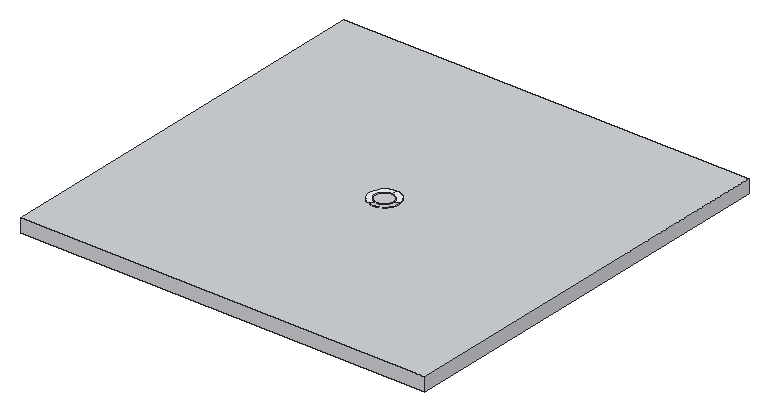
Revit family
Parameters (values of type "7" Strainer - 3" Drain")
  WFU = 0
  URL = "WWW.MIFAB.COM"
  Strainer Diameter = 7.000"
  Strainer Adjustment [instance] = 1.125"
  Pipe Radius = Pipe Diameter / 2  # 1.500"
  Pipe Diameter = 3.000"
  Model = "F1100-C-FC"
  Manufacturer = "MIFAB"
  Floor Drain Material = Paint - Sherwin Williams Paint - #952C2A - Bellwood Red
  Domestic Cold Water Radius = 0.250"
  Domestic Cold Water Diameter = Domestic Cold Water Radius * 2  # 0.500"
  Description = "FLOOR DRAIN WITH SURFACE MEMBRANE CLAMP"
  Default Elevation = 0.000"
  CWFU = 0
  Body Height = 3.375"
  Assembly Code = ""
Types (11): name | Strainer Diameter | Pipe Radius | Pipe Diameter
  (no name) | 7.000" | 1.500" | 3.000"
  9" Strainer - 2" Drain | 9.000" | 1.000" | 2.000"
  9" Strainer - 3" Drain | 9.000" | 1.500" | 3.000"
  9" Strainer - 4" Drain | 9.000" | 2.000" | 4.000"
  9" Strainer - 5" Drain | 9.000" | 2.500" | 5.000"
  9" Strainer - 6" Drain | 9.000" | 3.000" | 6.000"
  7" Strainer - 2" Drain | 7.000" | 1.000" | 2.000"
  7" Strainer - 3" Drain | 7.000" | 1.500" | 3.000"
  7" Strainer - 4" Drain | 7.000" | 2.000" | 4.000"
  7" Strainer - 5" Drain | 7.000" | 2.500" | 5.000"
  7" Strainer - 6" Drain | 7.000" | 3.000" | 6.000"
Reference planes (in)
  plane 1 "Center (Front/Back)": y = 0
  plane 2: z = 0
  plane 3 "Center (Left/Right)": x = 0
  plane 4: z = -4.5
  plane 5: z = -1.125
  plane 6: z = 0
  plane 7: y = -3.5
  plane 8: y = 3.5
  plane 9: y = 4
  plane 10: y = -4
  plane 11: y = -1.5
  plane 12: y = 1.5
  plane 13: z = -1.125
  plane 14: z = -1.125
  plane 15: z = -4.5
  plane 16: y = 3.22265
  plane 17: y = -3.22265
Forms (in)
  Extrusion 1, solid
    sketch origin (0, 0, 0) x (1, 0, 0) y (0, 1, 0)
      loop
        line (-48, 48) -> (-48, -48) -> (48, -48) -> (48, 48) -> (-48, 48)
    from 0 to -3.23031
  Revolve 2, solid, material "Paint - Sherwin Williams Paint - #952C2A - Bellwood Red" <- "Floor Drain Material"
    sketch origin (0, 0.04396, 0) x (0, 1, 0) y (0, 0, 1)
      loop
        line (-3.69397, -1.125) -> (-4.04396, -1.125) -> (-4.04396, -1.38552) -> (-3.8814, -1.38552) -> (-3.8814, -2.38764) -> (-3.81311, -2.39482) -> (-3.81311, -3.23031) -> (-1.79396, -3.28487) -> (-1.79396, -4.5) -> (-1.54396, -4.5) -> (-1.54396, -3.04309) -> (-3.69397, -2.97477) -> (-3.69397, -1.125)
      axis (-0.04396, -1.125) -> (-0.04396, -4.5)
    angle from 0 to 360
  Revolve 3, solid, material "Paint - Sherwin Williams Paint - #952C2A - Bellwood Red" <- "Floor Drain Material"
    sketch origin (0, 0, 0) x (0, 1, 0) y (0, 0, 1)
      loop
        line (-4, -1.125) -> (-1.67549, -1.125) -> (-1.67549, -0.35242) -> (-1.7641, -0.35242) -> (-1.7641, -0.875) -> (-4, -0.875) -> (-4, -1.125)
      axis (0, -0.35242) -> (0, -1.125)
    angle from 0 to 360
  Revolve 4, solid, material "Paint - Sherwin Williams Paint - #952C2A - Bellwood Red" <- "Floor Drain Material"
    sketch origin (0, 0.15, 0) x (0, 1, 0) y (0, 0, 1)
      loop
        line (-1.82549, -0.875) -> (-1.65, -0.875) -> (-1.65, -0.34322) -> (-2.11493, -0.34322) -> (-2.37265, -0.16277) -> (-2.37265, 0) -> (-3.65, 0) -> (-3.65, -0.10623) -> (-2.06674, -0.75712) -> (-1.91406, -0.75712) -> (-1.82549, -0.75712) -> (-1.82549, -0.875)
      axis (-0.15, 0) -> (-0.15, -0.875)
    angle from 0 to 360
  Revolve 5, solid, material "Paint - Sherwin Williams Paint - #952C2A - Bellwood Red" <- "Floor Drain Material"
    sketch origin (3.23224, 3.35604, 1.68359) x (0, 1, 0) y (0, 0, 1)
      loop
        line (-3.29765, -2.32681) -> (-3.62527, -2.32681) -> (-3.62527, -2.50802) -> (-3.72878, -2.50802) -> (-3.72878, -2.55859) -> (-3.52524, -2.55859) -> (-3.52524, -3.64951) -> (-3.29765, -3.64951) -> (-3.29765, -2.32681)
      axis (-3.29765, -2.32681) -> (-3.29765, -3.64951)
    angle from 0 to 360
  Revolve 6, solid, material "Paint - Sherwin Williams Paint - #952C2A - Bellwood Red" <- "Floor Drain Material"
    sketch origin (0, 0, 0) x (1, 0, 0) y (0, 0, 1)
      loop
        line (-4.4739, -1.88658) -> (-2.8927, -1.88658) -> (-2.8927, -1.54278) -> (-3.81457, -1.54278) -> (-3.90837, -1.63658) -> (-4.4739, -1.63658) -> (-4.4739, -1.88658)
      axis (-2.8927, -1.88658) -> (-4.4739, -1.88658)
    angle from 0 to 360
  Revolve 7, solid, material "Paint - Sherwin Williams Paint - #952C2A - Bellwood Red" <- "Floor Drain Material"
    sketch origin (1.2903, -4.47722, 1.68359) x (0.866025, -0.5, 0) y (0, 0, 1)
      loop
        line (-3.29765, -2.32681) -> (-3.62527, -2.32681) -> (-3.62527, -2.50802) -> (-3.72878, -2.50802) -> (-3.72878, -2.55859) -> (-3.52524, -2.55859) -> (-3.52524, -3.64951) -> (-3.29765, -3.64951) -> (-3.29765, -2.32681)
      axis (-3.29765, -2.32681) -> (-3.29765, -3.64951)
    angle from 0 to 360
  Revolve 8, solid, material "Paint - Sherwin Williams Paint - #952C2A - Bellwood Red" <- "Floor Drain Material"
    sketch origin (-4.52254, 1.12118, 1.68359) x (-0.866025, -0.5, 0) y (0, 0, 1)
      loop
        line (-3.29765, -2.32681) -> (-3.62527, -2.32681) -> (-3.62527, -2.50802) -> (-3.72878, -2.50802) -> (-3.72878, -2.55859) -> (-3.52524, -2.55859) -> (-3.52524, -3.64951) -> (-3.29765, -3.64951) -> (-3.29765, -2.32681)
      axis (-3.29765, -2.32681) -> (-3.29765, -3.64951)
    angle from 0 to 360
  Extrusion 9, solid, material "Paint - Sherwin Williams Paint - #952C2A - Bellwood Red" <- "Floor Drain Material"
    sketch origin (0, 0, 0) x (1, 0, 0) y (0, 1, 0)
      loop
        circle (0, 0) r 2.22265
    from -0.10623 to 0
Lines and regions (in)
  symbolic lines
    curve 1: circle (0, 0, 0) r 4 normal (0, 0, 1)
Dimensions and locks (in)
  "Body Height": plane 5 to plane 4
  "Strainer Adjustment": plane 6 to plane 5
  equal spacing: plane 8, plane 1 "Center (Front/Back)", plane 7
  "Strainer Diameter": plane 8 to plane 7
  equal spacing: plane 9, plane 1 "Center (Front/Back)", plane 10
  plane 9 to plane 10 = 8.000"
  equal spacing: Revolve 2, Revolve 6 sketch curve, Revolve 2
  equal spacing: plane 12, plane 1 "Center (Front/Back)", plane 11
  "Pipe Diameter": plane 12 to plane 11
  "Pipe Radius": plane 1 "Center (Front/Back)" to plane 11
  Extrusion 1 to plane 13 = 1.125"
  "Strainer Adjustment": level to plane 14
  "Body Height": plane 14 to plane 15
  locked: plane 11 to Revolve 2 sketch curve at 0.25
  Revolve 4 sketch curve to Revolve 4 sketch curve to Revolve 4 sketch curve to Revolve 4 sketch curve to Revolve 4 sketch curve to plane 7 = 0.17549", 0.24125", 0.04819", 0.25771", 1.27735"
  aligned and locked: plane 2 to Extrusion 1
  aligned and locked: level to Extrusion 1
  aligned and locked: plane 5 to Revolve 2 sketch curve
  aligned and locked: Revolve 2 to Revolve 3 sketch curve
  aligned and locked: Revolve 4 sketch curve to plane 1 "Center (Front/Back)"
  aligned and locked: Revolve 3 sketch curve to Revolve 4
  aligned and locked: Revolve 3 sketch curve to Revolve 2
  aligned and locked: Extrusion 1 to plane 6
  aligned and locked: Revolve 3 to Revolve 4
  aligned and locked: Revolve 3 to Revolve 7
  aligned and locked: Revolve 3 to Revolve 5
  aligned and locked: Revolve 7 to Revolve 3
  aligned and locked: Revolve 3 to Revolve 8
  aligned and locked: Revolve 2 sketch curve to plane 11
  aligned and locked: Revolve 4 sketch curve to plane 7
  aligned and locked: Extrusion 9 sketch curve to Revolve 4
  aligned and locked: Revolve 4 to Extrusion 9
  aligned and locked: level to Extrusion 9
Automatic sketch dimensions
  Extrusion 1 sketch curve to Extrusion 1 sketch curve = 96.000"  (x2)
  Revolve 3 sketch curve to plane 1 "Center (Front/Back)" = 0.000"
  Revolve 3 sketch curve to level = 0.000"
  Revolve 3 sketch curve to Revolve 3 sketch curve = 2.08323"
  Revolve 3 sketch curve to Revolve 3 sketch curve = 0.250"
  Revolve 3 sketch curve to Revolve 3 sketch curve = 0.52258"
  Revolve 3 sketch curve to Revolve 3 sketch curve = 0.08861"
  Revolve 5 sketch curve to Revolve 5 sketch curve = 0.20354"
  Revolve 5 sketch curve to Revolve 5 sketch curve = 0.10003"
  Revolve 5 sketch curve to Revolve 5 sketch curve = 0.32762"
  Revolve 5 sketch curve to Revolve 5 sketch curve = 0.000"  (x3)
  Revolve 5 sketch curve to Revolve 5 sketch curve = 1.09092"
  Revolve 5 sketch curve to Revolve 5 sketch curve = 0.05057"
  Revolve 5 sketch curve to Revolve 5 sketch curve = 0.18121"
  Revolve 6 sketch curve to plane 3 "Center (Left/Right)" = 4.4739"
  Revolve 6 sketch curve to Revolve 6 sketch curve = 0.56553"
  Revolve 6 sketch curve to Revolve 6 sketch curve = 0.09379"
  Revolve 6 sketch curve to Revolve 6 sketch curve = 0.22507"
  Revolve 6 sketch curve to Revolve 6 sketch curve = 0.7906"
  Revolve 6 sketch curve to Revolve 6 sketch curve = 0.000"  (x2)
  Revolve 6 sketch curve to Revolve 6 sketch curve = 0.250"
  Revolve 6 sketch curve to Revolve 6 sketch curve = 0.34379"
  Revolve 7 sketch curve to Revolve 7 sketch curve = 0.20354"
  Revolve 7 sketch curve to Revolve 7 sketch curve = 0.10003"
  Revolve 7 sketch curve to Revolve 7 sketch curve = 0.32762"
  Revolve 7 sketch curve to Revolve 7 sketch curve = 0.000"  (x3)
  Revolve 7 sketch curve to Revolve 7 sketch curve = 1.09092"
  Revolve 7 sketch curve to Revolve 7 sketch curve = 0.05057"
  Revolve 7 sketch curve to Revolve 7 sketch curve = 0.18121"
  Revolve 8 sketch curve to Revolve 8 sketch curve = 0.20354"
  Revolve 8 sketch curve to Revolve 8 sketch curve = 0.10003"
  Revolve 8 sketch curve to Revolve 8 sketch curve = 0.32762"
  Revolve 8 sketch curve to Revolve 8 sketch curve = 0.000"  (x3)
  Revolve 8 sketch curve to Revolve 8 sketch curve = 1.09092"
  Revolve 8 sketch curve to Revolve 8 sketch curve = 0.05057"
  Revolve 8 sketch curve to Revolve 8 sketch curve = 0.18121"
  Revolve 4 sketch curve to level = 0.000"
  Revolve 4 sketch curve to Revolve 4 sketch curve = 0.08857"
  Revolve 4 sketch curve to level = 0.10623"
  Revolve 4 sketch curve to level = 0.16277"
  Revolve 4 sketch curve to Revolve 4 sketch curve = 0.18045"
  Revolve 4 sketch curve to level = 0.7554"
  Revolve 4 sketch curve to Revolve 4 sketch curve = 0.4139"
  Revolve 4 sketch curve to Revolve 4 sketch curve = 0.11788"
  level to Revolve 4 sketch curve = 1.19115"
  Revolve 2 sketch curve to plane 10 = 0.000"
  Revolve 2 sketch curve to plane 4 = 0.000"  (x2)
  Revolve 2 sketch curve to plane 1 "Center (Front/Back)" = 0.000"
  plane 10 to Revolve 2 sketch curve = 0.16256"
  plane 10 to Revolve 2 sketch curve = 0.23085"
  Revolve 2 sketch curve to Revolve 2 sketch curve = 0.18743"
  Revolve 2 sketch curve to Revolve 2 sketch curve = 1.21513"
  Revolve 2 sketch curve to Revolve 2 sketch curve = 0.05457"
  Revolve 2 sketch curve to Revolve 2 sketch curve = 0.24178"
  Revolve 2 sketch curve to Revolve 2 sketch curve = 0.25554"
  Revolve 2 sketch curve to Revolve 2 sketch curve = 0.57995"
  Revolve 2 sketch curve to Revolve 2 sketch curve = 0.00718"
  Revolve 2 sketch curve to plane 5 = 0.26052"
  Revolve 2 sketch curve to plane 5 = 0.250"
  plane 1 "Center (Front/Back)" to Revolve 5 sketch curve = 0.37274"
  Revolve 5 sketch curve to plane 14 = 0.84092"
  plane 14 to Revolve 7 sketch curve = 0.30057"
  plane 14 to Revolve 8 sketch curve = 0.30057"
  plane 1 "Center (Front/Back)" to curve 1 = 0.000"
  curve 1 to plane 3 "Center (Left/Right)" = 0.000"
  radius of curve 1 = 4.000"
Connectors (in)
  piping at (-4.4739, 0, -1.88658), driven by "CWFU", driven by "Domestic Cold Water Radius"
    settings: on Revolve 6, index 1, connector radius 1/4", flow factor 0, pipe flow 0 GPM, pressure drop 0.00 psi, fitting loss kfactor 0, connector angle 0.00°, fixture units 0, flow configuration 3, flow direction 1, fitting loss method 0, system type 20, connector reference index -1, connector utility 0, adjustable connector no, is connector primary yes, fitting loss table "", connector description "Domestic Cold Water In"
  piping at (0, 0, -4.5), driven by "Pipe Radius", driven by "WFU"
    settings: on Revolve 2, index 2, connector radius 1 1/2", flow factor 0, pipe flow 0 GPM, pressure drop 0.00 psi, fitting loss kfactor 0, connector angle 0.00°, fixture units 0, flow configuration 3, flow direction 2, fitting loss method 0, system type 16, connector reference index -1, connector utility 0, adjustable connector no, is connector primary no, fitting loss table "", connector description "Sanitary Out"
